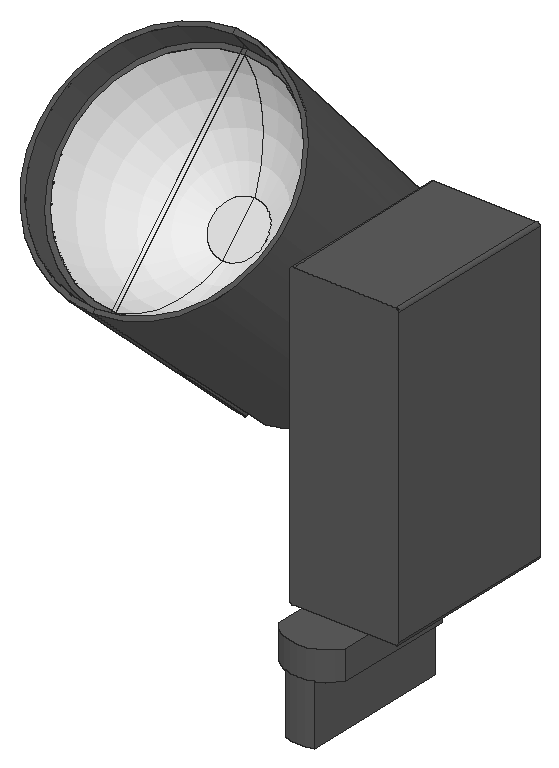
Revit family "0004846 Feilo Sylvania Lighting Fixture START TRACK SPOT L 55W 3K RA80 WB BLACK", category Lighting Fixtures, host Face, Revit 2017 (continued)
Definition of nested family "Start Track Spot Head"
  Types (96, lengths in mm): name | Wattage | built-in parameter 1150134 | Photometric Web File | Model | built-in parameter 1150105 | Lumens | built-in parameter 1150107 | built-in parameter 1150106 | HeadThickness_FEILO | HeadRibOffset_FEILO | HeadRibDepth_FEILO | HeadRibCutWidth_FEILO | HeadRibCutOffset_FEILO | HeadReflectorRadius_FEILO | HeadReflectorOffset_FEILO | HeadLEDRadius_FEILO | HeadHeight_FEILO | HeadDiffusorOffset_FEILO | HeadDiaOut_FEILO | HeadDiaIn_FEILO | HeadAxisFromTop_FEILO | Emit from Circle Diameter | built-in parameter 1150104 | Description | Apparent Load
    0004864 START TRACK SPOT S 24W 3K RA90 WB WHITE | 24 W | (empty or 0) | "0004864.ies" | "START TRACK SPOT S 24W 3K RA90 WB WHITE" | 152.79 (stored number, unit not read) | 1920 lm | 3000 (stored number, unit not read) | 1.5279 (stored number, unit not read) | 1.5 | 4.179 | 55.714 | 7.167 | 50.87 | 50.588 | 55.714 | 9.556 | 117 | 9.435 | 86 | 77.477 | 69.354 | 77.477 | 7.4322 (stored number, unit not read) | "Integrated LED spotlight, Textured White - RAL9016, compact and minimalist design, ideal for retail applications, die-cast aluminium body, passive cooling heatsink. Beam angle: 64°, color temperature: 3000K , total system power: 24W, total fixture output: 1928 lm, LOR: 100%, colour rendering: Ra: 90 typical, LED Chromaticity: 3 step MacAdam ellipse, lifetime: >50000 hours at L70B50, energy class: A++, A+, A, IR/UV free light source without heat radiation, operating voltage: 220-240V / 50-60Hz, drive current: 600mA, electronic driver, non-dimmable, power factor: 0.95, electrical protection: Class II, Global Track 3 Phase adapter suitable for Global trac 3-circuit tracks, ingress protection rating: IP20, suitable for internal environment only, horizontal rotation: 355°, vertical tilt: 90°, dimensions: Ø86x140x200, weight: 0.966kg." | 24 VA
    0004863 START TRACK SPOT S 24W 3K RA90 MB WHITE | 24 W | (empty or 0) | "0004863.ies" | "START TRACK SPOT S 24W 3K RA90 MB WHITE" | 154.7 (stored number, unit not read) | 1944 lm | 3000 (stored number, unit not read) | 1.547 (stored number, unit not read) | 1.5 | 4.179 | 55.714 | 7.167 | 50.87 | 50.588 | 55.714 | 9.556 | 117 | 9.435 | 86 | 77.477 | 69.354 | 77.477 | 7.5251 (stored number, unit not read) | "Integrated LED spotlight, Textured White - RAL9016, compact and minimalist design, ideal for retail applications, die-cast aluminium body, passive cooling heatsink. Beam angle: 36°, color temperature: 3000K , total system power: 24W, total fixture output: 1944 lm, LOR: 100%, colour rendering: Ra: 90 typical, LED Chromaticity: 3 step MacAdam ellipse, lifetime: >50000 hours at L70B50, energy class: A++, A+, A, IR/UV free light source without heat radiation, operating voltage: 220-240V / 50-60Hz, drive current: 600mA, electronic driver, non-dimmable, power factor: 0.95, electrical protection: Class II, Global Track 3 Phase adapter suitable for Global trac 3-circuit tracks, ingress protection rating: IP20, suitable for internal environment only, horizontal rotation: 355°, vertical tilt: 90°, dimensions: Ø86x140x200, weight: 0.966kg." | 24 VA
    0004862 START TRACK SPOT S 24W 3K RA90 NB WHITE | 24 W | (empty or 0) | "0004862.ies" | "START TRACK SPOT S 24W 3K RA90 NB WHITE" | 158.52 (stored number, unit not read) | 1992 lm | 3000 (stored number, unit not read) | 1.5852 (stored number, unit not read) | 1.5 | 4.179 | 55.714 | 7.167 | 50.87 | 50.588 | 55.714 | 9.556 | 117 | 9.435 | 86 | 77.477 | 69.354 | 77.477 | 7.711 (stored number, unit not read) | "Integrated LED spotlight, Textured White - RAL9016, compact and minimalist design, ideal for retail applications, die-cast aluminium body, passive cooling heatsink. Beam angle: 12°, color temperature: 3000K , total system power: 24W, total fixture output: 1987 lm, LOR: 100%, colour rendering: Ra: 90 typical, LED Chromaticity: 3 step MacAdam ellipse, lifetime: >50000 hours at L70B50, energy class: A++, A+, A, IR/UV free light source without heat radiation, operating voltage: 220-240V / 50-60Hz, drive current: 600mA, electronic driver, non-dimmable, power factor: 0.95, electrical protection: Class II, Global Track 3 Phase adapter suitable for Global trac 3-circuit tracks, ingress protection rating: IP20, suitable for internal environment only, horizontal rotation: 355°, vertical tilt: 90°, dimensions: Ø86x140x200, weight: 0.966kg." | 24 VA
    0004861 START TRACK SPOT S 14W 3K RA90 WB WHITE | 14 W | (empty or 0) | "0004861.ies" | "START TRACK SPOT S 14W 3K RA90 WB WHITE" | 100.27 (stored number, unit not read) | 1260 lm | 3000 (stored number, unit not read) | 1.0027 (stored number, unit not read) | 1.5 | 4.179 | 55.714 | 7.167 | 50.87 | 50.588 | 55.714 | 9.556 | 117 | 9.435 | 86 | 77.477 | 69.354 | 77.477 | 8.3613 (stored number, unit not read) | "Integrated LED spotlight, Textured White - RAL9016, compact and minimalist design, ideal for retail applications, die-cast aluminium body, passive cooling heatsink. Beam angle: 64°, color temperature: 3000K , total system power: 14W, total fixture output: 1262 lm, LOR: 100%, colour rendering: Ra: 90 typical, LED Chromaticity: 3 step MacAdam ellipse, lifetime: >50000 hours at L70B50, energy class: A++, A+, A, IR/UV free light source without heat radiation, operating voltage: 220-240V / 50-60Hz, drive current: 350mA, electronic driver, non-dimmable, power factor: 0.92, electrical protection: Class II, Global Track 3 Phase adapter suitable for Global trac 3-circuit tracks, ingress protection rating: IP20, suitable for internal environment only, horizontal rotation: 355°, vertical tilt: 90°, dimensions: Ø86x140x200, weight: 0.940kg." | 14 VA
    0004860 START TRACK SPOT S 14W 3K RA90 MB WHITE | 14 W | (empty or 0) | "0004860.ies" | "START TRACK SPOT S 14W 3K RA90 MB WHITE" | 100.27 (stored number, unit not read) | 1260 lm | 3000 (stored number, unit not read) | 1.0027 (stored number, unit not read) | 1.5 | 4.179 | 55.714 | 7.167 | 50.87 | 50.588 | 55.714 | 9.556 | 117 | 9.435 | 86 | 77.477 | 69.354 | 77.477 | 8.3613 (stored number, unit not read) | "Integrated LED spotlight, Textured White - RAL9016, compact and minimalist design, ideal for retail applications, die-cast aluminium body, passive cooling heatsink. Beam angle: 36°, color temperature: 3000K , total system power: 14W, total fixture output: 1262 lm, LOR: 100%, colour rendering: Ra: 90 typical, LED Chromaticity: 3 step MacAdam ellipse, lifetime: >50000 hours at L70B50, energy class: A++, A+, A, IR/UV free light source without heat radiation, operating voltage: 220-240V / 50-60Hz, drive current: 350mA, electronic driver, non-dimmable, power factor: 0.92, electrical protection: Class II, Global Track 3 Phase adapter suitable for Global trac 3-circuit tracks, ingress protection rating: IP20, suitable for internal environment only, horizontal rotation: 355°, vertical tilt: 90°, dimensions: Ø86x140x200, weight: 0.940kg." | 14 VA
    0004859 START TRACK SPOT S 14W 3K RA90 NB WHITE | 14 W | (empty or 0) | "0004859.ies" | "START TRACK SPOT S 14W 3K RA90 NB WHITE" | 102.5 (stored number, unit not read) | 1288 lm | 3000 (stored number, unit not read) | 1.025 (stored number, unit not read) | 1.5 | 4.179 | 55.714 | 7.167 | 50.87 | 50.588 | 55.714 | 9.556 | 117 | 9.435 | 86 | 77.477 | 69.354 | 77.477 | 8.5471 (stored number, unit not read) | "Integrated LED spotlight, Textured White - RAL9016, compact and minimalist design, ideal for retail applications, die-cast aluminium body, passive cooling heatsink. Beam angle: 12°, color temperature: 3000K , total system power: 14W, total fixture output: 1284 lm, LOR: 100%, colour rendering: Ra: 90 typical, LED Chromaticity: 3 step MacAdam ellipse, lifetime: >50000 hours at L70B50, energy class: A++, A+, A, IR/UV free light source without heat radiation, operating voltage: 220-240V / 50-60Hz, drive current: 350mA, electronic driver, non-dimmable, power factor: 0.92, electrical protection: Class II, Global Track 3 Phase adapter suitable for Global trac 3-circuit tracks, ingress protection rating: IP20, suitable for internal environment only, horizontal rotation: 355°, vertical tilt: 90°, dimensions: Ø86x140x200, weight: 0.940kg." | 14 VA
    0004858 START TRACK SPOT L 55W 4K RA80 WB BLACK | 55 W | 12 | "0004858.ies" | "START TRACK SPOT L 55W 4K RA80 WB BLACK" | 424.55 (stored number, unit not read) | 5335 lm | 4000 (stored number, unit not read) | 4.2455 (stored number, unit not read) | 2 | 4.429 | 59.048 | 9.417 | 53.913 | 66.471 | 59.048 | 12.556 | 124 | 10 | 113 | 101.802 | 73.503 | 101.802 | 9.0116 (stored number, unit not read) | "Integrated LED spotlight, Textured Black - RAL9005, compact and minimalist design, ideal for retail applications, die-cast aluminium body, passive cooling heatsink. Beam angle: 52°, color temperature: 4000K , total system power: 55W, total fixture output: 5320 lm, LOR: 100%, colour rendering: Ra: 80 typical, LED Chromaticity: 3 step MacAdam ellipse, lifetime: >50000 hours at L70B50, energy class: A++, A+, A, IR/UV free light source without heat radiation, operating voltage: 220-240V / 50-60Hz, drive current: 1400mA, electronic driver, non-dimmable, power factor: 0.96, electrical protection: Class II, Global Track 3 Phase adapter suitable for Global trac 3-circuit tracks, ingress protection rating: IP20, suitable for internal environment only, horizontal rotation: 355°, vertical tilt: 90°, dimensions: Ø113x164x240, weight: 1.398kg." | 55 VA
    0004857 START TRACK SPOT L 55W 4K RA80 MB BLACK | 55 W | 12 | "0004857.ies" | "START TRACK SPOT L 55W 4K RA80 MB BLACK" | 428.92 (stored number, unit not read) | 5390 lm | 4000 (stored number, unit not read) | 4.2892 (stored number, unit not read) | 2 | 4.429 | 59.048 | 9.417 | 53.913 | 66.471 | 59.048 | 12.556 | 124 | 10 | 113 | 101.802 | 73.503 | 101.802 | 9.1045 (stored number, unit not read) | "Integrated LED spotlight, Textured Black - RAL9005, compact and minimalist design, ideal for retail applications, die-cast aluminium body, passive cooling heatsink. Beam angle: 38°, color temperature: 4000K , total system power: 55W, total fixture output: 5378 lm, LOR: 100%, colour rendering: Ra: 80 typical, LED Chromaticity: 3 step MacAdam ellipse, lifetime: >50000 hours at L70B50, energy class: A++, A+, A, IR/UV free light source without heat radiation, operating voltage: 220-240V / 50-60Hz, drive current: 1400mA, electronic driver, non-dimmable, power factor: 0.96, electrical protection: Class II, Global Track 3 Phase adapter suitable for Global trac 3-circuit tracks, ingress protection rating: IP20, suitable for internal environment only, horizontal rotation: 355°, vertical tilt: 90°, dimensions: Ø113x164x240, weight: 1.398kg." | 55 VA
    0004856 START TRACK SPOT L 55W 4K RA80 NB BLACK | 55 W | 12 | "0004856.ies" | "START TRACK SPOT L 55W 4K RA80 NB BLACK" | 433.3 (stored number, unit not read) | 5445 lm | 4000 (stored number, unit not read) | 4.333 (stored number, unit not read) | 2 | 4.429 | 59.048 | 9.417 | 53.913 | 66.471 | 59.048 | 12.556 | 124 | 10 | 113 | 101.802 | 73.503 | 101.802 | 9.1974 (stored number, unit not read) | "Integrated LED spotlight, Textured Black - RAL9005, compact and minimalist design, ideal for retail applications, die-cast aluminium body, passive cooling heatsink. Beam angle: 15°, color temperature: 4000K , total system power: 55W, total fixture output: 5426 lm, LOR: 100%, colour rendering: Ra: 80 typical, LED Chromaticity: 3 step MacAdam ellipse, lifetime: >50000 hours at L70B50, energy class: A++, A+, A, IR/UV free light source without heat radiation, operating voltage: 220-240V / 50-60Hz, drive current: 1400mA, electronic driver, non-dimmable, power factor: 0.96, electrical protection: Class II, Global Track 3 Phase adapter suitable for Global trac 3-circuit tracks, ingress protection rating: IP20, suitable for internal environment only, horizontal rotation: 355°, vertical tilt: 90°, dimensions: Ø113x164x240, weight: 1.398kg." | 55 VA
    0004855 START TRACK SPOT L 35W 4K RA80 WB BLACK | 35 W | 12 | "0004855.ies" | "START TRACK SPOT L 35W 4K RA80 WB BLACK" | 320.3 (stored number, unit not read) | 4025 lm | 4000 (stored number, unit not read) | 3.203 (stored number, unit not read) | 2 | 4.429 | 59.048 | 9.417 | 53.913 | 66.471 | 59.048 | 12.556 | 124 | 10 | 113 | 101.802 | 73.503 | 101.802 | 10.684 (stored number, unit not read) | "Integrated LED spotlight, Textured Black - RAL9005, compact and minimalist design, ideal for retail applications, die-cast aluminium body, passive cooling heatsink. Beam angle: 52°, color temperature: 4000K , total system power: 35W, total fixture output: 4010 lm, LOR: 100%, colour rendering: Ra: 80 typical, LED Chromaticity: 3 step MacAdam ellipse, lifetime: >50000 hours at L70B50, energy class: A++, A+, A, IR/UV free light source without heat radiation, operating voltage: 220-240V / 50-60Hz, drive current: 900mA, electronic driver, non-dimmable, power factor: 0.93, electrical protection: Class II, Global Track 3 Phase adapter suitable for Global trac 3-circuit tracks, ingress protection rating: IP20, suitable for internal environment only, horizontal rotation: 355°, vertical tilt: 90°, dimensions: Ø113x164x240, weight: 1.368kg." | 35 VA
    0004854 START TRACK SPOT L 35W 4K RA80 MB BLACK | 35 W | 12 | "0004854.ies" | "START TRACK SPOT L 35W 4K RA80 MB BLACK" | 320.3 (stored number, unit not read) | 4025 lm | 4000 (stored number, unit not read) | 3.203 (stored number, unit not read) | 2 | 4.429 | 59.048 | 9.417 | 53.913 | 66.471 | 59.048 | 12.556 | 124 | 10 | 113 | 101.802 | 73.503 | 101.802 | 10.684 (stored number, unit not read) | "Integrated LED spotlight, Textured Black - RAL9005, compact and minimalist design, ideal for retail applications, die-cast aluminium body, passive cooling heatsink. Beam angle: 38°, color temperature: 4000K , total system power: 35W, total fixture output: 4017 lm, LOR: 100%, colour rendering: Ra: 80 typical, LED Chromaticity: 3 step MacAdam ellipse, lifetime: >50000 hours at L70B50, energy class: A++, A+, A, IR/UV free light source without heat radiation, operating voltage: 220-240V / 50-60Hz, drive current: 900mA, electronic driver, non-dimmable, power factor: 0.93, electrical protection: Class II, Global Track 3 Phase adapter suitable for Global trac 3-circuit tracks, ingress protection rating: IP20, suitable for internal environment only, horizontal rotation: 355°, vertical tilt: 90°, dimensions: Ø113x164x240, weight: 1.368kg." | 35 VA
    0004853 START TRACK SPOT L 35W 4K RA80 NB BLACK | 35 W | 12 | "0004853.ies" | "START TRACK SPOT L 35W 4K RA80 NB BLACK" | 331.44 (stored number, unit not read) | 4165 lm | 4000 (stored number, unit not read) | 3.3144 (stored number, unit not read) | 2 | 4.429 | 59.048 | 9.417 | 53.913 | 66.471 | 59.048 | 12.556 | 124 | 10 | 113 | 101.802 | 73.503 | 101.802 | 11.055 (stored number, unit not read) | "Integrated LED spotlight, Textured Black - RAL9005, compact and minimalist design, ideal for retail applications, die-cast aluminium body, passive cooling heatsink. Beam angle: 15°, color temperature: 4000K , total system power: 35W, total fixture output: 4174 lm, LOR: 100%, colour rendering: Ra: 80 typical, LED Chromaticity: 3 step MacAdam ellipse, lifetime: >50000 hours at L70B50, energy class: A++, A+, A, IR/UV free light source without heat radiation, operating voltage: 220-240V / 50-60Hz, drive current: 900mA, electronic driver, non-dimmable, power factor: 0.93, electrical protection: Class II, Global Track 3 Phase adapter suitable for Global trac 3-circuit tracks, ingress protection rating: IP20, suitable for internal environment only, horizontal rotation: 355°, vertical tilt: 90°, dimensions: Ø113x164x240, weight: 1.368kg." | 35 VA
    0004852 START TRACK SPOT S 24W 4K RA80 WB BLACK | 24 W | 12 | "0004852.ies" | "START TRACK SPOT S 24W 4K RA80 WB BLACK" | 196.72 (stored number, unit not read) | 2472 lm | 4000 (stored number, unit not read) | 1.9672 (stored number, unit not read) | 1.5 | 4.179 | 55.714 | 7.167 | 50.87 | 50.588 | 55.714 | 9.556 | 117 | 9.435 | 86 | 77.477 | 69.354 | 77.477 | 9.569 (stored number, unit not read) | "Integrated LED spotlight, Textured Black - RAL9005, compact and minimalist design, ideal for retail applications, die-cast aluminium body, passive cooling heatsink. Beam angle: 64°, color temperature: 4000K , total system power: 24W, total fixture output: 2476 lm, LOR: 100%, colour rendering: Ra: 80 typical, LED Chromaticity: 3 step MacAdam ellipse, lifetime: >50000 hours at L70B50, energy class: A++, A+, A, IR/UV free light source without heat radiation, operating voltage: 220-240V / 50-60Hz, drive current: 600mA, electronic driver, non-dimmable, power factor: 0.95, electrical protection: Class II, Global Track 3 Phase adapter suitable for Global trac 3-circuit tracks, ingress protection rating: IP20, suitable for internal environment only, horizontal rotation: 355°, vertical tilt: 90°, dimensions: Ø86x140x200, weight: 0.966kg." | 24 VA
    0004851 START TRACK SPOT S 24W 4K RA80 MB BLACK | 24 W | 12 | "0004851.ies" | "START TRACK SPOT S 24W 4K RA80 MB BLACK" | 198.63 (stored number, unit not read) | 2496 lm | 4000 (stored number, unit not read) | 1.9863 (stored number, unit not read) | 1.5 | 4.179 | 55.714 | 7.167 | 50.87 | 50.588 | 55.714 | 9.556 | 117 | 9.435 | 86 | 77.477 | 69.354 | 77.477 | 9.6619 (stored number, unit not read) | "Integrated LED spotlight, Textured Black - RAL9005, compact and minimalist design, ideal for retail applications, die-cast aluminium body, passive cooling heatsink. Beam angle: 36°, color temperature: 4000K , total system power: 24W, total fixture output: 2487 lm, LOR: 100%, colour rendering: Ra: 80 typical, LED Chromaticity: 3 step MacAdam ellipse, lifetime: >50000 hours at L70B50, energy class: A++, A+, A, IR/UV free light source without heat radiation, operating voltage: 220-240V / 50-60Hz, drive current: 600mA, electronic driver, non-dimmable, power factor: 0.95, electrical protection: Class II, Global Track 3 Phase adapter suitable for Global trac 3-circuit tracks, ingress protection rating: IP20, suitable for internal environment only, horizontal rotation: 355°, vertical tilt: 90°, dimensions: Ø86x140x200, weight: 0.966kg." | 24 VA
    0004850 START TRACK SPOT S 24W 4K RA80 NB BLACK | 24 W | 12 | "0004850.ies" | "START TRACK SPOT S 24W 4K RA80 NB BLACK" | 200.54 (stored number, unit not read) | 2520 lm | 4000 (stored number, unit not read) | 2.0054 (stored number, unit not read) | 1.5 | 4.179 | 55.714 | 7.167 | 50.87 | 50.588 | 55.714 | 9.556 | 117 | 9.435 | 86 | 77.477 | 69.354 | 77.477 | 9.7548 (stored number, unit not read) | "Integrated LED spotlight, Textured Black - RAL9005, compact and minimalist design, ideal for retail applications, die-cast aluminium body, passive cooling heatsink. Beam angle: 12°, color temperature: 4000K , total system power: 24W, total fixture output: 2529 lm, LOR: 100%, colour rendering: Ra: 80 typical, LED Chromaticity: 3 step MacAdam ellipse, lifetime: >50000 hours at L70B50, energy class: A++, A+, A, IR/UV free light source without heat radiation, operating voltage: 220-240V / 50-60Hz, drive current: 600mA, electronic driver, non-dimmable, power factor: 0.95, electrical protection: Class II, Global Track 3 Phase adapter suitable for Global trac 3-circuit tracks, ingress protection rating: IP20, suitable for internal environment only, horizontal rotation: 355°, vertical tilt: 90°, dimensions: Ø86x140x200, weight: 0.966kg." | 24 VA
    0004849 START TRACK SPOT S 14W 4K RA80 WB BLACK | 14 W | 12 | "0004849.ies" | "START TRACK SPOT S 14W 4K RA80 WB BLACK" | 123.66 (stored number, unit not read) | 1554 lm | 4000 (stored number, unit not read) | 1.2366 (stored number, unit not read) | 1.5 | 4.179 | 55.714 | 7.167 | 50.87 | 50.588 | 55.714 | 9.556 | 117 | 9.435 | 86 | 77.477 | 69.354 | 77.477 | 10.312 (stored number, unit not read) | "Integrated LED spotlight, Textured Black - RAL9005, compact and minimalist design, ideal for retail applications, die-cast aluminium body, passive cooling heatsink. Beam angle: 64°, color temperature: 4000K , total system power: 14W, total fixture output: 1558 lm, LOR: 100%, colour rendering: Ra: 80 typical, LED Chromaticity: 3 step MacAdam ellipse, lifetime: >50000 hours at L70B50, energy class: A++, A+, A, IR/UV free light source without heat radiation, operating voltage: 220-240V / 50-60Hz, drive current: 350mA, electronic driver, non-dimmable, power factor: 0.92, electrical protection: Class II, Global Track 3 Phase adapter suitable for Global trac 3-circuit tracks, ingress protection rating: IP20, suitable for internal environment only, horizontal rotation: 355°, vertical tilt: 90°, dimensions: Ø86x140x200, weight: 0.940kg." | 14 VA
    0004848 START TRACK SPOT S 14W 4K RA80 MB BLACK | 14 W | 12 | "0004848.ies" | "START TRACK SPOT S 14W 4K RA80 MB BLACK" | 127.01 (stored number, unit not read) | 1596 lm | 4000 (stored number, unit not read) | 1.2701 (stored number, unit not read) | 1.5 | 4.179 | 55.714 | 7.167 | 50.87 | 50.588 | 55.714 | 9.556 | 117 | 9.435 | 86 | 77.477 | 69.354 | 77.477 | 10.591 (stored number, unit not read) | "Integrated LED spotlight, Textured Black - RAL9005, compact and minimalist design, ideal for retail applications, die-cast aluminium body, passive cooling heatsink. Beam angle: 36°, color temperature: 4000K , total system power: 14W, total fixture output: 1598 lm, LOR: 100%, colour rendering: Ra: 80 typical, LED Chromaticity: 3 step MacAdam ellipse, lifetime: >50000 hours at L70B50, energy class: A++, A+, A, IR/UV free light source without heat radiation, operating voltage: 220-240V / 50-60Hz, drive current: 350mA, electronic driver, non-dimmable, power factor: 0.92, electrical protection: Class II, Global Track 3 Phase adapter suitable for Global trac 3-circuit tracks, ingress protection rating: IP20, suitable for internal environment only, horizontal rotation: 355°, vertical tilt: 90°, dimensions: Ø86x140x200, weight: 0.940kg." | 14 VA
    0004847 START TRACK SPOT S 14W 4K RA80 NB BLACK | 14 W | 12 | "0004847.ies" | "START TRACK SPOT S 14W 4K RA80 NB BLACK" | 128.12 (stored number, unit not read) | 1610 lm | 4000 (stored number, unit not read) | 1.2812 (stored number, unit not read) | 1.5 | 4.179 | 55.714 | 7.167 | 50.87 | 50.588 | 55.714 | 9.556 | 117 | 9.435 | 86 | 77.477 | 69.354 | 77.477 | 10.684 (stored number, unit not read) | "Integrated LED spotlight, Textured Black - RAL9005, compact and minimalist design, ideal for retail applications, die-cast aluminium body, passive cooling heatsink. Beam angle: 12°, color temperature: 4000K , total system power: 14W, total fixture output: 1608 lm, LOR: 100%, colour rendering: Ra: 80 typical, LED Chromaticity: 3 step MacAdam ellipse, lifetime: >50000 hours at L70B50, energy class: A++, A+, A, IR/UV free light source without heat radiation, operating voltage: 220-240V / 50-60Hz, drive current: 350mA, electronic driver, non-dimmable, power factor: 0.92, electrical protection: Class II, Global Track 3 Phase adapter suitable for Global trac 3-circuit tracks, ingress protection rating: IP20, suitable for internal environment only, horizontal rotation: 355°, vertical tilt: 90°, dimensions: Ø86x140x200, weight: 0.940kg." | 14 VA
    0004846 START TRACK SPOT L 55W 3K RA80 WB BLACK | 55 W | (empty or 0) | "0004846.ies" | "START TRACK SPOT L 55W 3K RA80 WB BLACK" | 420.17 (stored number, unit not read) | 5280 lm | 3000 (stored number, unit not read) | 4.2017 (stored number, unit not read) | 2 | 4.429 | 59.048 | 9.417 | 53.913 | 66.471 | 59.048 | 12.556 | 124 | 10 | 113 | 101.802 | 73.503 | 101.802 | 8.9187 (stored number, unit not read) | "Integrated LED spotlight, Textured Black - RAL9005, compact and minimalist design, ideal for retail applications, die-cast aluminium body, passive cooling heatsink. Beam angle: 52°, color temperature: 3000K , total system power: 55W, total fixture output: 5298 lm, LOR: 100%, colour rendering: Ra: 80 typical, LED Chromaticity: 3 step MacAdam ellipse, lifetime: >50000 hours at L70B50, energy class: A++, A+, A, IR/UV free light source without heat radiation, operating voltage: 220-240V / 50-60Hz, drive current: 1400mA, electronic driver, non-dimmable, power factor: 0.96, electrical protection: Class II, Global Track 3 Phase adapter suitable for Global trac 3-circuit tracks, ingress protection rating: IP20, suitable for internal environment only, horizontal rotation: 355°, vertical tilt: 90°, dimensions: Ø113x164x240, weight: 1.398kg." | 55 VA
    0004845 START TRACK SPOT L 55W 3K RA80 MB BLACK | 55 W | (empty or 0) | "0004845.ies" | "START TRACK SPOT L 55W 3K RA80 MB BLACK" | 428.92 (stored number, unit not read) | 5390 lm | 3000 (stored number, unit not read) | 4.2892 (stored number, unit not read) | 2 | 4.429 | 59.048 | 9.417 | 53.913 | 66.471 | 59.048 | 12.556 | 124 | 10 | 113 | 101.802 | 73.503 | 101.802 | 9.1045 (stored number, unit not read) | "Integrated LED spotlight, Textured Black - RAL9005, compact and minimalist design, ideal for retail applications, die-cast aluminium body, passive cooling heatsink. Beam angle: 38°, color temperature: 3000K , total system power: 55W, total fixture output: 5381 lm, LOR: 100%, colour rendering: Ra: 80 typical, LED Chromaticity: 3 step MacAdam ellipse, lifetime: >50000 hours at L70B50, energy class: A++, A+, A, IR/UV free light source without heat radiation, operating voltage: 220-240V / 50-60Hz, drive current: 1400mA, electronic driver, non-dimmable, power factor: 0.96, electrical protection: Class II, Global Track 3 Phase adapter suitable for Global trac 3-circuit tracks, ingress protection rating: IP20, suitable for internal environment only, horizontal rotation: 355°, vertical tilt: 90°, dimensions: Ø113x164x240, weight: 1.398kg." | 55 VA
    0004844 START TRACK SPOT L 55W 3K RA80 NB BLACK | 55 W | (empty or 0) | "0004844.ies" | "START TRACK SPOT L 55W 3K RA80 NB BLACK" | 433.3 (stored number, unit not read) | 5445 lm | 3000 (stored number, unit not read) | 4.333 (stored number, unit not read) | 2 | 4.429 | 59.048 | 9.417 | 53.913 | 66.471 | 59.048 | 12.556 | 124 | 10 | 113 | 101.802 | 73.503 | 101.802 | 9.1974 (stored number, unit not read) | "Integrated LED spotlight, Textured Black - RAL9005, compact and minimalist design, ideal for retail applications, die-cast aluminium body, passive cooling heatsink. Beam angle: 15°, color temperature: 3000K , total system power: 55W, total fixture output: 5449 lm, LOR: 100%, colour rendering: Ra: 80 typical, LED Chromaticity: 3 step MacAdam ellipse, lifetime: >50000 hours at L70B50, energy class: A++, A+, A, IR/UV free light source without heat radiation, operating voltage: 220-240V / 50-60Hz, drive current: 1400mA, electronic driver, non-dimmable, power factor: 0.96, electrical protection: Class II, Global Track 3 Phase adapter suitable for Global trac 3-circuit tracks, ingress protection rating: IP20, suitable for internal environment only, horizontal rotation: 355°, vertical tilt: 90°, dimensions: Ø113x164x240, weight: 1.398kg." | 55 VA
    0004843 START TRACK SPOT L 35W 3K RA80 WB BLACK | 35 W | (empty or 0) | "0004843.ies" | "START TRACK SPOT L 35W 3K RA80 WB BLACK" | 314.73 (stored number, unit not read) | 3955 lm | 3000 (stored number, unit not read) | 3.1473 (stored number, unit not read) | 2 | 4.429 | 59.048 | 9.417 | 53.913 | 66.471 | 59.048 | 12.556 | 124 | 10 | 113 | 101.802 | 73.503 | 101.802 | 10.498 (stored number, unit not read) | "Integrated LED spotlight, Textured Black - RAL9005, compact and minimalist design, ideal for retail applications, die-cast aluminium body, passive cooling heatsink. Beam angle: 52°, color temperature: 3000K , total system power: 35W, total fixture output: 3943 lm, LOR: 100%, colour rendering: Ra: 80 typical, LED Chromaticity: 3 step MacAdam ellipse, lifetime: >50000 hours at L70B50, energy class: A++, A+, A, IR/UV free light source without heat radiation, operating voltage: 220-240V / 50-60Hz, drive current: 900mA, electronic driver, non-dimmable, power factor: 0.93, electrical protection: Class II, Global Track 3 Phase adapter suitable for Global trac 3-circuit tracks, ingress protection rating: IP20, suitable for internal environment only, horizontal rotation: 355°, vertical tilt: 90°, dimensions: Ø113x164x240, weight: 1.368kg." | 35 VA
    0004842 START TRACK SPOT L 35W 3K RA80 MB BLACK | 35 W | (empty or 0) | "0004842.ies" | "START TRACK SPOT L 35W 3K RA80 MB BLACK" | 320.3 (stored number, unit not read) | 4025 lm | 3000 (stored number, unit not read) | 3.203 (stored number, unit not read) | 2 | 4.429 | 59.048 | 9.417 | 53.913 | 66.471 | 59.048 | 12.556 | 124 | 10 | 113 | 101.802 | 73.503 | 101.802 | 10.684 (stored number, unit not read) | "Integrated LED spotlight, Textured Black - RAL9005, compact and minimalist design, ideal for retail applications, die-cast aluminium body, passive cooling heatsink. Beam angle: 38°, color temperature: 3000K , total system power: 35W, total fixture output: 4008 lm, LOR: 100%, colour rendering: Ra: 80 typical, LED Chromaticity: 3 step MacAdam ellipse, lifetime: >50000 hours at L70B50, energy class: A++, A+, A, IR/UV free light source without heat radiation, operating voltage: 220-240V / 50-60Hz, drive current: 900mA, electronic driver, non-dimmable, power factor: 0.93, electrical protection: Class II, Global Track 3 Phase adapter suitable for Global trac 3-circuit tracks, ingress protection rating: IP20, suitable for internal environment only, horizontal rotation: 355°, vertical tilt: 90°, dimensions: Ø113x164x240, weight: 1.368kg." | 35 VA
    0004841 START TRACK SPOT L 35W 3K RA80 NB BLACK | 35 W | (empty or 0) | "0004841.ies" | "START TRACK SPOT L 35W 3K RA80 NB BLACK" | 317.51 (stored number, unit not read) | 3990 lm | 3000 (stored number, unit not read) | 3.1751 (stored number, unit not read) | 2 | 4.429 | 59.048 | 9.417 | 53.913 | 66.471 | 59.048 | 12.556 | 124 | 10 | 113 | 101.802 | 73.503 | 101.802 | 10.591 (stored number, unit not read) | "Integrated LED spotlight, Textured Black - RAL9005, compact and minimalist design, ideal for retail applications, die-cast aluminium body, passive cooling heatsink. Beam angle: 15°, color temperature: 3000K , total system power: 35W, total fixture output: 4005 lm, LOR: 100%, colour rendering: Ra: 80 typical, LED Chromaticity: 3 step MacAdam ellipse, lifetime: >50000 hours at L70B50, energy class: A++, A+, A, IR/UV free light source without heat radiation, operating voltage: 220-240V / 50-60Hz, drive current: 900mA, electronic driver, non-dimmable, power factor: 0.93, electrical protection: Class II, Global Track 3 Phase adapter suitable for Global trac 3-circuit tracks, ingress protection rating: IP20, suitable for internal environment only, horizontal rotation: 355°, vertical tilt: 90°, dimensions: Ø113x164x240, weight: 1.368kg." | 35 VA
    0004840 START TRACK SPOT S 24W 3K RA80 WB BLACK | 24 W | (empty or 0) | "0004840.ies" | "START TRACK SPOT S 24W 3K RA80 WB BLACK" | 185.26 (stored number, unit not read) | 2328 lm | 3000 (stored number, unit not read) | 1.8526 (stored number, unit not read) | 1.5 | 4.179 | 55.714 | 7.167 | 50.87 | 50.588 | 55.714 | 9.556 | 117 | 9.435 | 86 | 77.477 | 69.354 | 77.477 | 9.0116 (stored number, unit not read) | "Integrated LED spotlight, Textured Black - RAL9005, compact and minimalist design, ideal for retail applications, die-cast aluminium body, passive cooling heatsink. Beam angle: 64°, color temperature: 3000K , total system power: 24W, total fixture output: 2318 lm, LOR: 100%, colour rendering: Ra: 80 typical, LED Chromaticity: 3 step MacAdam ellipse, lifetime: >50000 hours at L70B50, energy class: A++, A+, A, IR/UV free light source without heat radiation, operating voltage: 220-240V / 50-60Hz, drive current: 600mA, electronic driver, non-dimmable, power factor: 0.95, electrical protection: Class II, Global Track 3 Phase adapter suitable for Global trac 3-circuit tracks, ingress protection rating: IP20, suitable for internal environment only, horizontal rotation: 355°, vertical tilt: 90°, dimensions: Ø86x140x200, weight: 0.966kg." | 24 VA
    0004839 START TRACK SPOT S 24W 3K RA80 MB BLACK | 24 W | (empty or 0) | "0004839.ies" | "START TRACK SPOT S 24W 3K RA80 MB BLACK" | 183.35 (stored number, unit not read) | 2304 lm | 3000 (stored number, unit not read) | 1.8335 (stored number, unit not read) | 1.5 | 4.179 | 55.714 | 7.167 | 50.87 | 50.588 | 55.714 | 9.556 | 117 | 9.435 | 86 | 77.477 | 69.354 | 77.477 | 8.9187 (stored number, unit not read) | "Integrated LED spotlight, Textured Black - RAL9005, compact and minimalist design, ideal for retail applications, die-cast aluminium body, passive cooling heatsink. Beam angle: 36°, color temperature: 3000K , total system power: 24W, total fixture output: 2314 lm, LOR: 100%, colour rendering: Ra: 80 typical, LED Chromaticity: 3 step MacAdam ellipse, lifetime: >50000 hours at L70B50, energy class: A++, A+, A, IR/UV free light source without heat radiation, operating voltage: 220-240V / 50-60Hz, drive current: 600mA, electronic driver, non-dimmable, power factor: 0.95, electrical protection: Class II, Global Track 3 Phase adapter suitable for Global trac 3-circuit tracks, ingress protection rating: IP20, suitable for internal environment only, horizontal rotation: 355°, vertical tilt: 90°, dimensions: Ø86x140x200, weight: 0.966kg." | 24 VA
    0004838 START TRACK SPOT S 24W 3K RA80 NB BLACK | 24 W | (empty or 0) | "0004838.ies" | "START TRACK SPOT S 24W 3K RA80 NB BLACK" | 185.26 (stored number, unit not read) | 2328 lm | 3000 (stored number, unit not read) | 1.8526 (stored number, unit not read) | 1.5 | 4.179 | 55.714 | 7.167 | 50.87 | 50.588 | 55.714 | 9.556 | 117 | 9.435 | 86 | 77.477 | 69.354 | 77.477 | 9.0116 (stored number, unit not read) | "Integrated LED spotlight, Textured Black - RAL9005, compact and minimalist design, ideal for retail applications, die-cast aluminium body, passive cooling heatsink. Beam angle: 12°, color temperature: 3000K , total system power: 24W, total fixture output: 2334 lm, LOR: 100%, colour rendering: Ra: 80 typical, LED Chromaticity: 3 step MacAdam ellipse, lifetime: >50000 hours at L70B50, energy class: A++, A+, A, IR/UV free light source without heat radiation, operating voltage: 220-240V / 50-60Hz, drive current: 600mA, electronic driver, non-dimmable, power factor: 0.95, electrical protection: Class II, Global Track 3 Phase adapter suitable for Global trac 3-circuit tracks, ingress protection rating: IP20, suitable for internal environment only, horizontal rotation: 355°, vertical tilt: 90°, dimensions: Ø86x140x200, weight: 0.966kg." | 24 VA
    0004837 START TRACK SPOT S 14W 3K RA80 WB BLACK | 14 W | (empty or 0) | "0004837.ies" | "START TRACK SPOT S 14W 3K RA80 WB BLACK" | 119.21 (stored number, unit not read) | 1498 lm | 3000 (stored number, unit not read) | 1.1921 (stored number, unit not read) | 1.5 | 4.179 | 55.714 | 7.167 | 50.87 | 50.588 | 55.714 | 9.556 | 117 | 9.435 | 86 | 77.477 | 69.354 | 77.477 | 9.9406 (stored number, unit not read) | "Integrated LED spotlight, Textured Black - RAL9005, compact and minimalist design, ideal for retail applications, die-cast aluminium body, passive cooling heatsink. Beam angle: 64°, color temperature: 3000K , total system power: 14W, total fixture output: 1498 lm, LOR: 100%, colour rendering: Ra: 80 typical, LED Chromaticity: 3 step MacAdam ellipse, lifetime: >50000 hours at L70B50, energy class: A++, A+, A, IR/UV free light source without heat radiation, operating voltage: 220-240V / 50-60Hz, drive current: 350mA, electronic driver, non-dimmable, power factor: 0.92, electrical protection: Class II, Global Track 3 Phase adapter suitable for Global trac 3-circuit tracks, ingress protection rating: IP20, suitable for internal environment only, horizontal rotation: 355°, vertical tilt: 90°, dimensions: Ø86x140x200, weight: 0.940kg." | 14 VA
    0004836 START TRACK SPOT S 14W 3K RA80 MB BLACK | 14 W | (empty or 0) | "0004836.ies" | "START TRACK SPOT S 14W 3K RA80 MB BLACK" | 120.32 (stored number, unit not read) | 1512 lm | 3000 (stored number, unit not read) | 1.2032 (stored number, unit not read) | 1.5 | 4.179 | 55.714 | 7.167 | 50.87 | 50.588 | 55.714 | 9.556 | 117 | 9.435 | 86 | 77.477 | 69.354 | 77.477 | 10.034 (stored number, unit not read) | "Integrated LED spotlight, Textured Black - RAL9005, compact and minimalist design, ideal for retail applications, die-cast aluminium body, passive cooling heatsink. Beam angle: 36°, color temperature: 3000K , total system power: 14W, total fixture output: 1508 lm, LOR: 100%, colour rendering: Ra: 80 typical, LED Chromaticity: 3 step MacAdam ellipse, lifetime: >50000 hours at L70B50, energy class: A++, A+, A, IR/UV free light source without heat radiation, operating voltage: 220-240V / 50-60Hz, drive current: 350mA, electronic driver, non-dimmable, power factor: 0.92, electrical protection: Class II, Global Track 3 Phase adapter suitable for Global trac 3-circuit tracks, ingress protection rating: IP20, suitable for internal environment only, horizontal rotation: 355°, vertical tilt: 90°, dimensions: Ø86x140x200, weight: 0.940kg." | 14 VA
    0004835 START TRACK SPOT S 14W 3K RA80 NB BLACK | 14 W | (empty or 0) | "0004835.ies" | "START TRACK SPOT S 14W 3K RA80 NB BLACK" | 123.66 (stored number, unit not read) | 1554 lm | 3000 (stored number, unit not read) | 1.2366 (stored number, unit not read) | 1.5 | 4.179 | 55.714 | 7.167 | 50.87 | 50.588 | 55.714 | 9.556 | 117 | 9.435 | 86 | 77.477 | 69.354 | 77.477 | 10.312 (stored number, unit not read) | "Integrated LED spotlight, Textured Black - RAL9005, compact and minimalist design, ideal for retail applications, die-cast aluminium body, passive cooling heatsink. Beam angle: 12°, color temperature: 3000K , total system power: 14W, total fixture output: 1551 lm, LOR: 100%, colour rendering: Ra: 80 typical, LED Chromaticity: 3 step MacAdam ellipse, lifetime: >50000 hours at L70B50, energy class: A++, A+, A, IR/UV free light source without heat radiation, operating voltage: 220-240V / 50-60Hz, drive current: 350mA, electronic driver, non-dimmable, power factor: 0.92, electrical protection: Class II, Global Track 3 Phase adapter suitable for Global trac 3-circuit tracks, ingress protection rating: IP20, suitable for internal environment only, horizontal rotation: 355°, vertical tilt: 90°, dimensions: Ø86x140x200, weight: 0.940kg." | 14 VA
    0004834 START TRACK SPOT L 55W 4K RA80 WB WHITE | 55 W | 12 | "0004834.ies" | "START TRACK SPOT L 55W 4K RA80 WB WHITE" | 424.55 (stored number, unit not read) | 5335 lm | 4000 (stored number, unit not read) | 4.2455 (stored number, unit not read) | 2 | 4.429 | 59.048 | 9.417 | 53.913 | 66.471 | 59.048 | 12.556 | 124 | 10 | 113 | 101.802 | 73.503 | 101.802 | 9.0116 (stored number, unit not read) | "Integrated LED spotlight, Textured White - RAL9016, compact and minimalist design, ideal for retail applications, die-cast aluminium body, passive cooling heatsink. Beam angle: 52°, color temperature: 4000K , total system power: 55W, total fixture output: 5320 lm, LOR: 100%, colour rendering: Ra: 80 typical, LED Chromaticity: 3 step MacAdam ellipse, lifetime: >50000 hours at L70B50, energy class: A++, A+, A, IR/UV free light source without heat radiation, operating voltage: 220-240V / 50-60Hz, drive current: 1400mA, electronic driver, non-dimmable, power factor: 0.96, electrical protection: Class II, Global Track 3 Phase adapter suitable for Global trac 3-circuit tracks, ingress protection rating: IP20, suitable for internal environment only, horizontal rotation: 355°, vertical tilt: 90°, dimensions: Ø113x164x240, weight: 1.398kg." | 55 VA
    0004833 START TRACK SPOT L 55W 4K RA80 MB WHITE | 55 W | 12 | "0004833.ies" | "START TRACK SPOT L 55W 4K RA80 MB WHITE" | 428.92 (stored number, unit not read) | 5390 lm | 4000 (stored number, unit not read) | 4.2892 (stored number, unit not read) | 2 | 4.429 | 59.048 | 9.417 | 53.913 | 66.471 | 59.048 | 12.556 | 124 | 10 | 113 | 101.802 | 73.503 | 101.802 | 9.1045 (stored number, unit not read) | "Integrated LED spotlight, Textured White - RAL9016, compact and minimalist design, ideal for retail applications, die-cast aluminium body, passive cooling heatsink. Beam angle: 38°, color temperature: 4000K , total system power: 55W, total fixture output: 5378 lm, LOR: 100%, colour rendering: Ra: 80 typical, LED Chromaticity: 3 step MacAdam ellipse, lifetime: >50000 hours at L70B50, energy class: A++, A+, A, IR/UV free light source without heat radiation, operating voltage: 220-240V / 50-60Hz, drive current: 1400mA, electronic driver, non-dimmable, power factor: 0.96, electrical protection: Class II, Global Track 3 Phase adapter suitable for Global trac 3-circuit tracks, ingress protection rating: IP20, suitable for internal environment only, horizontal rotation: 355°, vertical tilt: 90°, dimensions: Ø113x164x240, weight: 1.398kg." | 55 VA
    0004832 START TRACK SPOT L 55W 4K RA80 NB WHITE | 55 W | 12 | "0004832.ies" | "START TRACK SPOT L 55W 4K RA80 NB WHITE" | 433.3 (stored number, unit not read) | 5445 lm | 4000 (stored number, unit not read) | 4.333 (stored number, unit not read) | 2 | 4.429 | 59.048 | 9.417 | 53.913 | 66.471 | 59.048 | 12.556 | 124 | 10 | 113 | 101.802 | 73.503 | 101.802 | 9.1974 (stored number, unit not read) | "Integrated LED spotlight, Textured White - RAL9016, compact and minimalist design, ideal for retail applications, die-cast aluminium body, passive cooling heatsink. Beam angle: 15°, color temperature: 4000K , total system power: 55W, total fixture output: 5426 lm, LOR: 100%, colour rendering: Ra: 80 typical, LED Chromaticity: 3 step MacAdam ellipse, lifetime: >50000 hours at L70B50, energy class: A++, A+, A, IR/UV free light source without heat radiation, operating voltage: 220-240V / 50-60Hz, drive current: 1400mA, electronic driver, non-dimmable, power factor: 0.96, electrical protection: Class II, Global Track 3 Phase adapter suitable for Global trac 3-circuit tracks, ingress protection rating: IP20, suitable for internal environment only, horizontal rotation: 355°, vertical tilt: 90°, dimensions: Ø113x164x240, weight: 1.398kg." | 55 VA
    0004831 START TRACK SPOT L 35W 4K RA80 WB WHITE | 35 W | 12 | "0004831.ies" | "START TRACK SPOT L 35W 4K RA80 WB WHITE" | 320.3 (stored number, unit not read) | 4025 lm | 4000 (stored number, unit not read) | 3.203 (stored number, unit not read) | 2 | 4.429 | 59.048 | 9.417 | 53.913 | 66.471 | 59.048 | 12.556 | 124 | 10 | 113 | 101.802 | 73.503 | 101.802 | 10.684 (stored number, unit not read) | "Integrated LED spotlight, Textured White - RAL9016, compact and minimalist design, ideal for retail applications, die-cast aluminium body, passive cooling heatsink. Beam angle: 52°, color temperature: 4000K , total system power: 35W, total fixture output: 4010 lm, LOR: 100%, colour rendering: Ra: 80 typical, LED Chromaticity: 3 step MacAdam ellipse, lifetime: >50000 hours at L70B50, energy class: A++, A+, A, IR/UV free light source without heat radiation, operating voltage: 220-240V / 50-60Hz, drive current: 900mA, electronic driver, non-dimmable, power factor: 0.93, electrical protection: Class II, Global Track 3 Phase adapter suitable for Global trac 3-circuit tracks, ingress protection rating: IP20, suitable for internal environment only, horizontal rotation: 355°, vertical tilt: 90°, dimensions: Ø113x164x240, weight: 1.368kg." | 35 VA
    0004830 START TRACK SPOT L 35W 4K RA80 MB WHITE | 35 W | 12 | "0004830.ies" | "START TRACK SPOT L 35W 4K RA80 MB WHITE" | 320.3 (stored number, unit not read) | 4025 lm | 4000 (stored number, unit not read) | 3.203 (stored number, unit not read) | 2 | 4.429 | 59.048 | 9.417 | 53.913 | 66.471 | 59.048 | 12.556 | 124 | 10 | 113 | 101.802 | 73.503 | 101.802 | 10.684 (stored number, unit not read) | "Integrated LED spotlight, Textured White - RAL9016, compact and minimalist design, ideal for retail applications, die-cast aluminium body, passive cooling heatsink. Beam angle: 38°, color temperature: 4000K , total system power: 35W, total fixture output: 4017 lm, LOR: 100%, colour rendering: Ra: 80 typical, LED Chromaticity: 3 step MacAdam ellipse, lifetime: >50000 hours at L70B50, energy class: A++, A+, A, IR/UV free light source without heat radiation, operating voltage: 220-240V / 50-60Hz, drive current: 900mA, electronic driver, non-dimmable, power factor: 0.93, electrical protection: Class II, Global Track 3 Phase adapter suitable for Global trac 3-circuit tracks, ingress protection rating: IP20, suitable for internal environment only, horizontal rotation: 355°, vertical tilt: 90°, dimensions: Ø113x164x240, weight: 1.368kg." | 35 VA
    0004829 START TRACK SPOT L 35W 4K RA80 NB WHITE | 35 W | 12 | "0004829.ies" | "START TRACK SPOT L 35W 4K RA80 NB WHITE" | 331.44 (stored number, unit not read) | 4165 lm | 4000 (stored number, unit not read) | 3.3144 (stored number, unit not read) | 2 | 4.429 | 59.048 | 9.417 | 53.913 | 66.471 | 59.048 | 12.556 | 124 | 10 | 113 | 101.802 | 73.503 | 101.802 | 11.055 (stored number, unit not read) | "Integrated LED spotlight, Textured White - RAL9016, compact and minimalist design, ideal for retail applications, die-cast aluminium body, passive cooling heatsink. Beam angle: 15°, color temperature: 4000K , total system power: 35W, total fixture output: 4174 lm, LOR: 100%, colour rendering: Ra: 80 typical, LED Chromaticity: 3 step MacAdam ellipse, lifetime: >50000 hours at L70B50, energy class: A++, A+, A, IR/UV free light source without heat radiation, operating voltage: 220-240V / 50-60Hz, drive current: 900mA, electronic driver, non-dimmable, power factor: 0.93, electrical protection: Class II, Global Track 3 Phase adapter suitable for Global trac 3-circuit tracks, ingress protection rating: IP20, suitable for internal environment only, horizontal rotation: 355°, vertical tilt: 90°, dimensions: Ø113x164x240, weight: 1.368kg." | 35 VA
    0004828 START TRACK SPOT S 24W 4K RA80 WB WHITE | 24 W | 12 | "0004828.ies" | "START TRACK SPOT S 24W 4K RA80 WB WHITE" | 196.72 (stored number, unit not read) | 2472 lm | 4000 (stored number, unit not read) | 1.9672 (stored number, unit not read) | 1.5 | 4.179 | 55.714 | 7.167 | 50.87 | 50.588 | 55.714 | 9.556 | 117 | 9.435 | 86 | 77.477 | 69.354 | 77.477 | 9.569 (stored number, unit not read) | "Integrated LED spotlight, Textured White - RAL9016, compact and minimalist design, ideal for retail applications, die-cast aluminium body, passive cooling heatsink. Beam angle: 64°, color temperature: 4000K , total system power: 24W, total fixture output: 2476 lm, LOR: 100%, colour rendering: Ra: 80 typical, LED Chromaticity: 3 step MacAdam ellipse, lifetime: >50000 hours at L70B50, energy class: A++, A+, A, IR/UV free light source without heat radiation, operating voltage: 220-240V / 50-60Hz, drive current: 600mA, electronic driver, non-dimmable, power factor: 0.95, electrical protection: Class II, Global Track 3 Phase adapter suitable for Global trac 3-circuit tracks, ingress protection rating: IP20, suitable for internal environment only, horizontal rotation: 355°, vertical tilt: 90°, dimensions: Ø86x140x200, weight: 0.966kg." | 24 VA
    0004827 START TRACK SPOT S 24W 4K RA80 MB WHITE | 24 W | 12 | "0004827.ies" | "START TRACK SPOT S 24W 4K RA80 MB WHITE" | 198.63 (stored number, unit not read) | 2496 lm | 4000 (stored number, unit not read) | 1.9863 (stored number, unit not read) | 1.5 | 4.179 | 55.714 | 7.167 | 50.87 | 50.588 | 55.714 | 9.556 | 117 | 9.435 | 86 | 77.477 | 69.354 | 77.477 | 9.6619 (stored number, unit not read) | "Integrated LED spotlight, Textured White - RAL9016, compact and minimalist design, ideal for retail applications, die-cast aluminium body, passive cooling heatsink. Beam angle: 36°, color temperature: 4000K , total system power: 24W, total fixture output: 2487 lm, LOR: 100%, colour rendering: Ra: 80 typical, LED Chromaticity: 3 step MacAdam ellipse, lifetime: >50000 hours at L70B50, energy class: A++, A+, A, IR/UV free light source without heat radiation, operating voltage: 220-240V / 50-60Hz, drive current: 600mA, electronic driver, non-dimmable, power factor: 0.95, electrical protection: Class II, Global Track 3 Phase adapter suitable for Global trac 3-circuit tracks, ingress protection rating: IP20, suitable for internal environment only, horizontal rotation: 355°, vertical tilt: 90°, dimensions: Ø86x140x200, weight: 0.966kg." | 24 VA
    0004826 START TRACK SPOT S 24W 4K RA80 NB WHITE | 24 W | 12 | "0004826.ies" | "START TRACK SPOT S 24W 4K RA80 NB WHITE" | 200.54 (stored number, unit not read) | 2520 lm | 4000 (stored number, unit not read) | 2.0054 (stored number, unit not read) | 1.5 | 4.179 | 55.714 | 7.167 | 50.87 | 50.588 | 55.714 | 9.556 | 117 | 9.435 | 86 | 77.477 | 69.354 | 77.477 | 9.7548 (stored number, unit not read) | "Integrated LED spotlight, Textured White - RAL9016, compact and minimalist design, ideal for retail applications, die-cast aluminium body, passive cooling heatsink. Beam angle: 12°, color temperature: 4000K , total system power: 24W, total fixture output: 2529 lm, LOR: 100%, colour rendering: Ra: 80 typical, LED Chromaticity: 3 step MacAdam ellipse, lifetime: >50000 hours at L70B50, energy class: A++, A+, A, IR/UV free light source without heat radiation, operating voltage: 220-240V / 50-60Hz, drive current: 600mA, electronic driver, non-dimmable, power factor: 0.95, electrical protection: Class II, Global Track 3 Phase adapter suitable for Global trac 3-circuit tracks, ingress protection rating: IP20, suitable for internal environment only, horizontal rotation: 355°, vertical tilt: 90°, dimensions: Ø86x140x200, weight: 0.966kg." | 24 VA
    0004825 START TRACK SPOT S 14W 4K RA80 WB WHITE | 14 W | 12 | "0004825.ies" | "START TRACK SPOT S 14W 4K RA80 WB WHITE" | 123.66 (stored number, unit not read) | 1554 lm | 4000 (stored number, unit not read) | 1.2366 (stored number, unit not read) | 1.5 | 4.179 | 55.714 | 7.167 | 50.87 | 50.588 | 55.714 | 9.556 | 117 | 9.435 | 86 | 77.477 | 69.354 | 77.477 | 10.312 (stored number, unit not read) | "Integrated LED spotlight, Textured White - RAL9016, compact and minimalist design, ideal for retail applications, die-cast aluminium body, passive cooling heatsink. Beam angle: 64°, color temperature: 4000K , total system power: 14W, total fixture output: 1558 lm, LOR: 100%, colour rendering: Ra: 80 typical, LED Chromaticity: 3 step MacAdam ellipse, lifetime: >50000 hours at L70B50, energy class: A++, A+, A, IR/UV free light source without heat radiation, operating voltage: 220-240V / 50-60Hz, drive current: 350mA, electronic driver, non-dimmable, power factor: 0.92, electrical protection: Class II, Global Track 3 Phase adapter suitable for Global trac 3-circuit tracks, ingress protection rating: IP20, suitable for internal environment only, horizontal rotation: 355°, vertical tilt: 90°, dimensions: Ø86x140x200, weight: 0.940kg." | 14 VA
    0004824 START TRACK SPOT S 14W 4K RA80 MB WHITE | 14 W | 12 | "0004824.ies" | "START TRACK SPOT S 14W 4K RA80 MB WHITE" | 127.01 (stored number, unit not read) | 1596 lm | 4000 (stored number, unit not read) | 1.2701 (stored number, unit not read) | 1.5 | 4.179 | 55.714 | 7.167 | 50.87 | 50.588 | 55.714 | 9.556 | 117 | 9.435 | 86 | 77.477 | 69.354 | 77.477 | 10.591 (stored number, unit not read) | "Integrated LED spotlight, Textured White - RAL9016, compact and minimalist design, ideal for retail applications, die-cast aluminium body, passive cooling heatsink. Beam angle: 36°, color temperature: 4000K , total system power: 14W, total fixture output: 1598 lm, LOR: 100%, colour rendering: Ra: 80 typical, LED Chromaticity: 3 step MacAdam ellipse, lifetime: >50000 hours at L70B50, energy class: A++, A+, A, IR/UV free light source without heat radiation, operating voltage: 220-240V / 50-60Hz, drive current: 350mA, electronic driver, non-dimmable, power factor: 0.92, electrical protection: Class II, Global Track 3 Phase adapter suitable for Global trac 3-circuit tracks, ingress protection rating: IP20, suitable for internal environment only, horizontal rotation: 355°, vertical tilt: 90°, dimensions: Ø86x140x200, weight: 0.940kg." | 14 VA
    0004823 START TRACK SPOT S 14W 4K RA80 NB WHITE | 14 W | 12 | "0004823.ies" | "START TRACK SPOT S 14W 4K RA80 NB WHITE" | 128.12 (stored number, unit not read) | 1610 lm | 4000 (stored number, unit not read) | 1.2812 (stored number, unit not read) | 1.5 | 4.179 | 55.714 | 7.167 | 50.87 | 50.588 | 55.714 | 9.556 | 117 | 9.435 | 86 | 77.477 | 69.354 | 77.477 | 10.684 (stored number, unit not read) | "Integrated LED spotlight, Textured White - RAL9016, compact and minimalist design, ideal for retail applications, die-cast aluminium body, passive cooling heatsink. Beam angle: 12°, color temperature: 4000K , total system power: 14W, total fixture output: 1608 lm, LOR: 100%, colour rendering: Ra: 80 typical, LED Chromaticity: 3 step MacAdam ellipse, lifetime: >50000 hours at L70B50, energy class: A++, A+, A, IR/UV free light source without heat radiation, operating voltage: 220-240V / 50-60Hz, drive current: 350mA, electronic driver, non-dimmable, power factor: 0.92, electrical protection: Class II, Global Track 3 Phase adapter suitable for Global trac 3-circuit tracks, ingress protection rating: IP20, suitable for internal environment only, horizontal rotation: 355°, vertical tilt: 90°, dimensions: Ø86x140x200, weight: 0.940kg." | 14 VA
    0004822 START TRACK SPOT L 55W 3K RA80 WB WHITE | 55 W | (empty or 0) | "0004822.ies" | "START TRACK SPOT L 55W 3K RA80 WB WHITE" | 420.17 (stored number, unit not read) | 5280 lm | 3000 (stored number, unit not read) | 4.2017 (stored number, unit not read) | 2 | 4.429 | 59.048 | 9.417 | 53.913 | 66.471 | 59.048 | 12.556 | 124 | 10 | 113 | 101.802 | 73.503 | 101.802 | 8.9187 (stored number, unit not read) | "Integrated LED spotlight, Textured White - RAL9016, compact and minimalist design, ideal for retail applications, die-cast aluminium body, passive cooling heatsink. Beam angle: 52°, color temperature: 3000K , total system power: 55W, total fixture output: 5298 lm, LOR: 100%, colour rendering: Ra: 80 typical, LED Chromaticity: 3 step MacAdam ellipse, lifetime: >50000 hours at L70B50, energy class: A++, A+, A, IR/UV free light source without heat radiation, operating voltage: 220-240V / 50-60Hz, drive current: 1400mA, electronic driver, non-dimmable, power factor: 0.96, electrical protection: Class II, Global Track 3 Phase adapter suitable for Global trac 3-circuit tracks, ingress protection rating: IP20, suitable for internal environment only, horizontal rotation: 355°, vertical tilt: 90°, dimensions: Ø113x164x240, weight: 1.398kg." | 55 VA
    0004821 START TRACK SPOT L 55W 3K RA80 MB WHITE | 55 W | (empty or 0) | "0004821.ies" | "START TRACK SPOT L 55W 3K RA80 MB WHITE" | 428.92 (stored number, unit not read) | 5390 lm | 3000 (stored number, unit not read) | 4.2892 (stored number, unit not read) | 2 | 4.429 | 59.048 | 9.417 | 53.913 | 66.471 | 59.048 | 12.556 | 124 | 10 | 113 | 101.802 | 73.503 | 101.802 | 9.1045 (stored number, unit not read) | "Integrated LED spotlight, Textured White - RAL9016, compact and minimalist design, ideal for retail applications, die-cast aluminium body, passive cooling heatsink. Beam angle: 38°, color temperature: 3000K , total system power: 55W, total fixture output: 5381 lm, LOR: 100%, colour rendering: Ra: 80 typical, LED Chromaticity: 3 step MacAdam ellipse, lifetime: >50000 hours at L70B50, energy class: A++, A+, A, IR/UV free light source without heat radiation, operating voltage: 220-240V / 50-60Hz, drive current: 1400mA, electronic driver, non-dimmable, power factor: 0.96, electrical protection: Class II, Global Track 3 Phase adapter suitable for Global trac 3-circuit tracks, ingress protection rating: IP20, suitable for internal environment only, horizontal rotation: 355°, vertical tilt: 90°, dimensions: Ø113x164x240, weight: 1.398kg." | 55 VA
    0004820 START TRACK SPOT L 55W 3K RA80 NB WHITE | 55 W | (empty or 0) | "0004820.ies" | "START TRACK SPOT L 55W 3K RA80 NB WHITE" | 433.3 (stored number, unit not read) | 5445 lm | 3000 (stored number, unit not read) | 4.333 (stored number, unit not read) | 2 | 4.429 | 59.048 | 9.417 | 53.913 | 66.471 | 59.048 | 12.556 | 124 | 10 | 113 | 101.802 | 73.503 | 101.802 | 9.1974 (stored number, unit not read) | "Integrated LED spotlight, Textured White - RAL9016, compact and minimalist design, ideal for retail applications, die-cast aluminium body, passive cooling heatsink. Beam angle: 15°, color temperature: 3000K , total system power: 55W, total fixture output: 5449 lm, LOR: 100%, colour rendering: Ra: 80 typical, LED Chromaticity: 3 step MacAdam ellipse, lifetime: >50000 hours at L70B50, energy class: A++, A+, A, IR/UV free light source without heat radiation, operating voltage: 220-240V / 50-60Hz, drive current: 1400mA, electronic driver, non-dimmable, power factor: 0.96, electrical protection: Class II, Global Track 3 Phase adapter suitable for Global trac 3-circuit tracks, ingress protection rating: IP20, suitable for internal environment only, horizontal rotation: 355°, vertical tilt: 90°, dimensions: Ø113x164x240, weight: 1.398kg." | 55 VA
    0004819 START TRACK SPOT L 35W 3K RA80 WB WHITE | 35 W | (empty or 0) | "0004819.ies" | "START TRACK SPOT L 35W 3K RA80 WB WHITE" | 314.73 (stored number, unit not read) | 3955 lm | 3000 (stored number, unit not read) | 3.1473 (stored number, unit not read) | 2 | 4.429 | 59.048 | 9.417 | 53.913 | 66.471 | 59.048 | 12.556 | 124 | 10 | 113 | 101.802 | 73.503 | 101.802 | 10.498 (stored number, unit not read) | "Integrated LED spotlight, Textured White - RAL9016, compact and minimalist design, ideal for retail applications, die-cast aluminium body, passive cooling heatsink. Beam angle: 52°, color temperature: 3000K , total system power: 35W, total fixture output: 3943 lm, LOR: 100%, colour rendering: Ra: 80 typical, LED Chromaticity: 3 step MacAdam ellipse, lifetime: >50000 hours at L70B50, energy class: A++, A+, A, IR/UV free light source without heat radiation, operating voltage: 220-240V / 50-60Hz, drive current: 900mA, electronic driver, non-dimmable, power factor: 0.93, electrical protection: Class II, Global Track 3 Phase adapter suitable for Global trac 3-circuit tracks, ingress protection rating: IP20, suitable for internal environment only, horizontal rotation: 355°, vertical tilt: 90°, dimensions: Ø113x164x240, weight: 1.368kg." | 35 VA
    0004818 START TRACK SPOT L 35W 3K RA80 MB WHITE | 35 W | (empty or 0) | "0004818.ies" | "START TRACK SPOT L 35W 3K RA80 MB WHITE" | 320.3 (stored number, unit not read) | 4025 lm | 3000 (stored number, unit not read) | 3.203 (stored number, unit not read) | 2 | 4.429 | 59.048 | 9.417 | 53.913 | 66.471 | 59.048 | 12.556 | 124 | 10 | 113 | 101.802 | 73.503 | 101.802 | 10.684 (stored number, unit not read) | "Integrated LED spotlight, Textured White - RAL9016, compact and minimalist design, ideal for retail applications, die-cast aluminium body, passive cooling heatsink. Beam angle: 38°, color temperature: 3000K , total system power: 35W, total fixture output: 4008 lm, LOR: 100%, colour rendering: Ra: 80 typical, LED Chromaticity: 3 step MacAdam ellipse, lifetime: >50000 hours at L70B50, energy class: A++, A+, A, IR/UV free light source without heat radiation, operating voltage: 220-240V / 50-60Hz, drive current: 900mA, electronic driver, non-dimmable, power factor: 0.93, electrical protection: Class II, Global Track 3 Phase adapter suitable for Global trac 3-circuit tracks, ingress protection rating: IP20, suitable for internal environment only, horizontal rotation: 355°, vertical tilt: 90°, dimensions: Ø113x164x240, weight: 1.368kg." | 35 VA
    0004817 START TRACK SPOT L 35W 3K RA80 NB WHITE | 35 W | (empty or 0) | "0004817.ies" | "START TRACK SPOT L 35W 3K RA80 NB WHITE" | 317.51 (stored number, unit not read) | 3990 lm | 3000 (stored number, unit not read) | 3.1751 (stored number, unit not read) | 2 | 4.429 | 59.048 | 9.417 | 53.913 | 66.471 | 59.048 | 12.556 | 124 | 10 | 113 | 101.802 | 73.503 | 101.802 | 10.591 (stored number, unit not read) | "Integrated LED spotlight, Textured White - RAL9016, compact and minimalist design, ideal for retail applications, die-cast aluminium body, passive cooling heatsink. Beam angle: 15°, color temperature: 3000K , total system power: 35W, total fixture output: 4005 lm, LOR: 100%, colour rendering: Ra: 80 typical, LED Chromaticity: 3 step MacAdam ellipse, lifetime: >50000 hours at L70B50, energy class: A++, A+, A, IR/UV free light source without heat radiation, operating voltage: 220-240V / 50-60Hz, drive current: 900mA, electronic driver, non-dimmable, power factor: 0.93, electrical protection: Class II, Global Track 3 Phase adapter suitable for Global trac 3-circuit tracks, ingress protection rating: IP20, suitable for internal environment only, horizontal rotation: 355°, vertical tilt: 90°, dimensions: Ø113x164x240, weight: 1.368kg." | 35 VA
    0004816 START TRACK SPOT S 24W 3K RA80 WB WHITE | 24 W | (empty or 0) | "0004816.ies" | "START TRACK SPOT S 24W 3K RA80 WB WHITE" | 185.26 (stored number, unit not read) | 2328 lm | 3000 (stored number, unit not read) | 1.8526 (stored number, unit not read) | 1.5 | 4.179 | 55.714 | 7.167 | 50.87 | 50.588 | 55.714 | 9.556 | 117 | 9.435 | 86 | 77.477 | 69.354 | 77.477 | 9.0116 (stored number, unit not read) | "Integrated LED spotlight, Textured White - RAL9016, compact and minimalist design, ideal for retail applications, die-cast aluminium body, passive cooling heatsink. Beam angle: 64°, color temperature: 3000K , total system power: 24W, total fixture output: 2318 lm, LOR: 100%, colour rendering: Ra: 80 typical, LED Chromaticity: 3 step MacAdam ellipse, lifetime: >50000 hours at L70B50, energy class: A++, A+, A, IR/UV free light source without heat radiation, operating voltage: 220-240V / 50-60Hz, drive current: 600mA, electronic driver, non-dimmable, power factor: 0.95, electrical protection: Class II, Global Track 3 Phase adapter suitable for Global trac 3-circuit tracks, ingress protection rating: IP20, suitable for internal environment only, horizontal rotation: 355°, vertical tilt: 90°, dimensions: Ø86x140x200, weight: 0.966kg." | 24 VA
    0004815 START TRACK SPOT S 24W 3K RA80 MB WHITE | 24 W | (empty or 0) | "0004815.ies" | "START TRACK SPOT S 24W 3K RA80 MB WHITE" | 183.35 (stored number, unit not read) | 2304 lm | 3000 (stored number, unit not read) | 1.8335 (stored number, unit not read) | 1.5 | 4.179 | 55.714 | 7.167 | 50.87 | 50.588 | 55.714 | 9.556 | 117 | 9.435 | 86 | 77.477 | 69.354 | 77.477 | 8.9187 (stored number, unit not read) | "Integrated LED spotlight, Textured White - RAL9016, compact and minimalist design, ideal for retail applications, die-cast aluminium body, passive cooling heatsink. Beam angle: 36°, color temperature: 3000K , total system power: 24W, total fixture output: 2314 lm, LOR: 100%, colour rendering: Ra: 80 typical, LED Chromaticity: 3 step MacAdam ellipse, lifetime: >50000 hours at L70B50, energy class: A++, A+, A, IR/UV free light source without heat radiation, operating voltage: 220-240V / 50-60Hz, drive current: 600mA, electronic driver, non-dimmable, power factor: 0.95, electrical protection: Class II, Global Track 3 Phase adapter suitable for Global trac 3-circuit tracks, ingress protection rating: IP20, suitable for internal environment only, horizontal rotation: 355°, vertical tilt: 90°, dimensions: Ø86x140x200, weight: 0.966kg." | 24 VA
    0004814 START TRACK SPOT S 24W 3K RA80 NB WHITE | 24 W | (empty or 0) | "0004814.ies" | "START TRACK SPOT S 24W 3K RA80 NB WHITE" | 185.26 (stored number, unit not read) | 2328 lm | 3000 (stored number, unit not read) | 1.8526 (stored number, unit not read) | 1.5 | 4.179 | 55.714 | 7.167 | 50.87 | 50.588 | 55.714 | 9.556 | 117 | 9.435 | 86 | 77.477 | 69.354 | 77.477 | 9.0116 (stored number, unit not read) | "Integrated LED spotlight, Textured White - RAL9016, compact and minimalist design, ideal for retail applications, die-cast aluminium body, passive cooling heatsink. Beam angle: 12°, color temperature: 3000K , total system power: 24W, total fixture output: 2334 lm, LOR: 100%, colour rendering: Ra: 80 typical, LED Chromaticity: 3 step MacAdam ellipse, lifetime: >50000 hours at L70B50, energy class: A++, A+, A, IR/UV free light source without heat radiation, operating voltage: 220-240V / 50-60Hz, drive current: 600mA, electronic driver, non-dimmable, power factor: 0.95, electrical protection: Class II, Global Track 3 Phase adapter suitable for Global trac 3-circuit tracks, ingress protection rating: IP20, suitable for internal environment only, horizontal rotation: 355°, vertical tilt: 90°, dimensions: Ø86x140x200, weight: 0.966kg." | 24 VA
    0004813 START TRACK SPOT S 14W 3K RA80 WB WHITE | 14 W | (empty or 0) | "0004813.ies" | "START TRACK SPOT S 14W 3K RA80 WB WHITE" | 119.21 (stored number, unit not read) | 1498 lm | 3000 (stored number, unit not read) | 1.1921 (stored number, unit not read) | 1.5 | 4.179 | 55.714 | 7.167 | 50.87 | 50.588 | 55.714 | 9.556 | 117 | 9.435 | 86 | 77.477 | 69.354 | 77.477 | 9.9406 (stored number, unit not read) | "Integrated LED spotlight, Textured White - RAL9016, compact and minimalist design, ideal for retail applications, die-cast aluminium body, passive cooling heatsink. Beam angle: 64°, color temperature: 3000K , total system power: 14W, total fixture output: 1498 lm, LOR: 100%, colour rendering: Ra: 80 typical, LED Chromaticity: 3 step MacAdam ellipse, lifetime: >50000 hours at L70B50, energy class: A++, A+, A, IR/UV free light source without heat radiation, operating voltage: 220-240V / 50-60Hz, drive current: 350mA, electronic driver, non-dimmable, power factor: 0.92, electrical protection: Class II, Global Track 3 Phase adapter suitable for Global trac 3-circuit tracks, ingress protection rating: IP20, suitable for internal environment only, horizontal rotation: 355°, vertical tilt: 90°, dimensions: Ø86x140x200, weight: 0.940kg." | 14 VA
